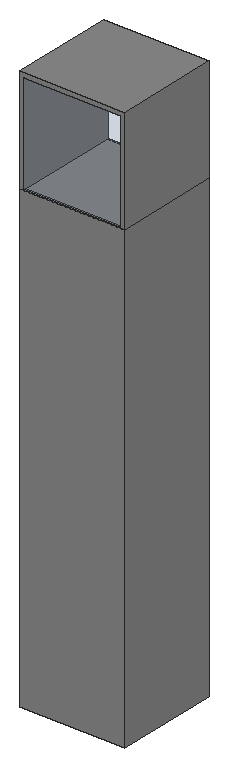
Revit family "Iluminação de caminho - Poste quadrado 2", category Luminárias, Revit 2019
Family settings
  Cota do conector redondo = Utilizar diâmetro
  Tipo de parte = Normal
  Número OmniClass = 23.80.70.00
  Título OmniClass = Lighting
  Com base no plano de trabalho = Não
  Sempre na vertical = Sim
  Corte com vazios quando carregada = Não
  Fonte luminosa = Sim
  Compartilhado = Não
  Ponto de cálculo do ambiente = Não
Parameters
  Wattage = 40 W
  built-in parameter 1150110 = 1 (stored number, unit not read)
  built-in parameter 1114217 = 1 (stored number, unit not read)
  built-in parameter 1150109 = 1 (stored number, unit not read)
  built-in parameter 1150134 = (empty or 0)
  built-in parameter 1150113 = 1 (stored number, unit not read)
  Lumens = 5941.68 lm
  built-in parameter 1150115 = 1 (stored number, unit not read)
  built-in parameter 1150105 = 472.82 (stored number, unit not read)
  Tamanho do símbolo da fonte luminosa = 50 mm
  built-in parameter 1150137 = (empty or 0)
  built-in parameter 1150139 = (empty or 0)
  Material de sombra = Vidro - Azul jateado
  Material da luminária = Metal - Acabamento pintado - Cinza escuro, fosco
  built-in parameter 1150112 = 1 (stored number, unit not read)
  built-in parameter 1150114 = 1 (stored number, unit not read)
  Largura = 130 mm
  built-in parameter 1150132 = (empty or 0)
  built-in parameter 1150102 = (empty or 0)
  built-in parameter 1150138 = (empty or 0)
  built-in parameter 1150107 = 3000 (stored number, unit not read)
  built-in parameter 1150106 = 4.7282 (stored number, unit not read)
  Altura = 705 mm
  built-in parameter 1150104 = 13.8 (stored number, unit not read)
  Troca de temperatura da cor de lâmpada com esmaecimento = <Nenhum>
  Material da coluna = Metal - Acabamento pintado - Cinza escuro, fosco
  Color Filter = 16777215
  built-in parameter 1114218 = 1 (stored number, unit not read)
  built-in parameter 1150133 = 10 (stored number, unit not read)
Reference planes
  plane 1 "Eixo de origem da luz (F/T)": y = 0
  plane 2: z = 0
  plane 3 "Eixo de origem da luz (E/D)": x = 0
  plane 4 "Elevação da origem da luz": z = 580
  plane 5: y = 65
  plane 6: y = -65
  plane 7: x = -65
  plane 8: x = 65
  plane 9: z = 705
  plane 10: y = 63
  plane 11: y = -63
  plane 12: z = 703
  plane 13: x = -60
  plane 14: x = 60
  plane 15: z = 700
  plane 16: z = 575
Forms (mm)
  Extrusion 1, solid, material "Metal - Acabamento pintado - Cinza escuro, fosco" <- "Material da coluna"
    sketch origin (0, 0, 0) x (1, 0, 0) y (0, 0, 1)
      loop
        line (65, 575) -> (-65, 575) -> (-65, 0) -> (65, 0) -> (65, 575)
    from -65 to 65
  Extrusion 2, solid, material "Metal - Acabamento pintado - Cinza escuro, fosco" <- "Material da luminária"
    sketch origin (0, 0, 0) x (1, 0, 0) y (0, 0, 1)
      loop
        line (65, 575) -> (65, 705) -> (-65, 705) -> (-65, 575) -> (-60, 575) -> (-60, 700) -> (60, 700) -> (60, 575) -> (65, 575)
    from -65 to 65
  Extrusion 3, solid, material "Vidro - Azul jateado" <- "Material de sombra"
    sketch origin (0, 0, 0) x (1, 0, 0) y (0, 1, 0)
      loop
        line (-60, 65) -> (-60, 63) -> (60, 63) -> (60, 65) -> (-60, 65)
      loop
        line (-60, -63) -> (-60, -65) -> (60, -65) -> (60, -63) -> (-60, -63)
    from 575 to 700
Dimensions and locks
  equal spacing: plane 7, plane 3 "Eixo de origem da luz (E/D)", plane 8
  equal spacing: plane 5, plane 1 "Eixo de origem da luz (F/T)", plane 6
  "Largura": plane 7 to plane 8
  "Largura": plane 5 to plane 6
  locked: plane 5 to plane 10 at 2
  locked: plane 11 to plane 6 at 2
  locked: plane 12 to plane 9 at 2
  locked: plane 7 to plane 13 at 5
  locked: plane 14 to plane 8 at 5
  locked: plane 15 to plane 9 at 5
  "Largura": plane 16 to plane 9
  "Altura": plane 2 to plane 9
  locked: plane 16 to plane 4 "Elevação da origem da luz" at 5
  aligned and locked: plane 3 "Eixo de origem da luz (E/D)" to imposter light
  aligned and locked: plane 1 "Eixo de origem da luz (F/T)" to imposter light
  aligned and locked: plane 4 "Elevação da origem da luz" to imposter light
  aligned and locked: plane 2 to Extrusion 1 sketch curve
  aligned and locked: Extrusion 1 sketch curve to plane 8
  aligned and locked: plane 7 to Extrusion 1 sketch curve
  aligned and locked: plane 5 to Extrusion 1
  aligned and locked: Extrusion 1 to plane 6
  aligned and locked: Extrusion 2 sketch curve to plane 13
  aligned and locked: plane 7 to Extrusion 2 sketch curve
  aligned and locked: plane 15 to Extrusion 2 sketch curve
  aligned and locked: Extrusion 2 sketch curve to plane 9
  aligned and locked: plane 14 to Extrusion 2 sketch curve
  aligned and locked: Extrusion 2 sketch curve to plane 8
  aligned and locked: plane 5 to Extrusion 2
  aligned and locked: Extrusion 2 to plane 6
  aligned and locked: Extrusion 3 sketch curve to plane 11
  aligned and locked: Extrusion 3 sketch curve to plane 14  (x2)
  aligned and locked: plane 6 to Extrusion 3 sketch curve
  aligned and locked: plane 13 to Extrusion 3 sketch curve  (x2)
  aligned and locked: plane 10 to Extrusion 3 sketch curve
  aligned and locked: Extrusion 3 sketch curve to plane 5
  aligned and locked: plane 15 to Extrusion 3
  aligned and locked: Extrusion 1 sketch curve to plane 16
  aligned and locked: Extrusion 2 sketch curve to plane 16  (x2)
  aligned and locked: level to plane 2
  aligned and locked: Extrusion 3 to plane 16
